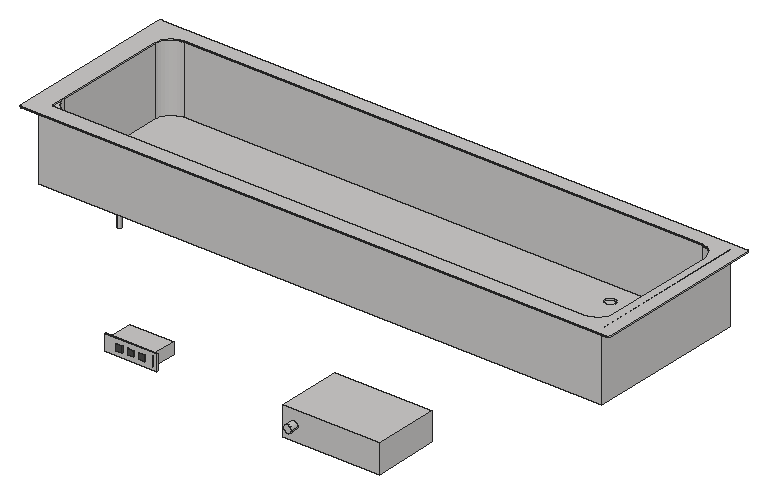
Revit family "QF_ELECTROLUXPROFESSIONAL_341092_D10R6", category Specialty Equipment, Revit 2018
Family settings
  Round Connector Dimension = Use Diameter
  Part Type = Normal
  Work Plane-Based = No
  Always vertical = Yes
  Cut with Voids When Loaded = No
  Shared = No
  Room Calculation Point = No
Parameters (values of type "341040.rfa")
  Weight = 50.90 kg
  Watts = 0 W
  Volts = 0 V
  URL Manufacturer = ""
  URL = ""
  Steam Supply Size = 0 mm
  Steam Supply Minimum Pressure = 0.0 Pa
  Steam Supply Maximum Pressure = 0.0 Pa
  Steam Pounds per Hour = 0
  Show Clearance [instance] = yes
  Remote Electrical Box_Z [instance] = 200.00 mm
  Remote Electrical Box_Y [instance] = 500.00 mm
  Remote Electrical Box_X [instance] = 1000.00 mm
  Refrigeration Suction Line Size = 0.042 mm
  Refrigeration Liquid Line Size = 0.031 mm
  Refrigerant Compressor Remote = yes
  Manufacturer = ""
  Phase = 0
  Model = ""
  Length Actual = 2070.00 mm  # constant formula
  Item Number = ""
  Hot Water Size = 0 mm
  Height Actual = 260.00 mm  # constant formula
  HP = "0 HP"
  Gas Size = 0 mm
  Gas KW = 0
  Gas Input Pressure = 0 W
  Direct Waste Size = 25.4 mm
  Description = ""
  Depth Actual = 620.00 mm  # constant formula
  Cycle = 0 Hz
  Controller_Y [instance] = 500.00 mm
  Controller_1Z [instance] = 200.00 mm
  Controller_1X [instance] = 300.00 mm
  Condensate Return Size = 0 mm
  Compressed Air Volume = 0.0 L/s
  Compressed Air Size = 0 mm
  Compressed Air Pressure = 0.0 Pa
  Cold Water Size = 0 mm
  Accessory = yes
Types (2, lengths in mm): name | Volts | URL Manufacturer | URL | Manufacturer | Phase | Model | Item Number | Description | Cycle
  341040.rfa | 0 V | "" | "" | "" | 0 | "" | "" | "" | 0 Hz
  Standard | 220 V | "http://professional.electrolux.com" | "http://professional.electrolux.com" | "Electrolux Professional" | 1 | "D10R6" | "341092" | "DROP-IN REMOTE, REFRIGERATED WELL, STATIC, 6GN" | 50 Hz
Reference planes
  plane 1 "Centro (Fronte/Retro)": y = 74.737
  plane 2: z = 0
  plane 3 "BACK": y = 384.737
  plane 4 "FRONT": y = -235.263
  plane 5 "RIGHT": x = 520.731
  plane 6 "LEFT": x = -1549.269
  plane 7: x = -514.269
  plane 8 "TOP": z = 900
  plane 9: y = 354.737
  plane 10: y = -205.263
  plane 11: x = 473.531
  plane 12: x = -1502.069
  plane 13: y = 329.737
  plane 14: y = -180.263
  plane 15: x = -1479.269
  plane 16: x = 450.731
  plane 17: z = 898
  plane 18: z = 658
  plane 19: z = 661
  plane 20: z = 265
  plane 21: x = -354.269
  plane 22: y = 349.537
  plane 23: y = -200.063
  plane 24: x = -1424.269
  plane 25: x = -974.269
  plane 26: y = 254.737
  plane 27 "1": x = 134.731
  plane 28: y = -165.263
  plane 29: y = 314.737
  plane 30: x = -1249.269
  plane 31: x = -549.269
  plane 32: y = -115.263
  plane 33: y = -115.263
  plane 34: z = 200
  plane 35: z = 200
Forms (mm)
  Extrusion 1, solid, material "QF_Finishes_Stainless Steel"
    sketch origin (0, 0, 900) x (-1, 0, 0) y (0, -1, 0)
      loop
        line (-473.531, -354.737) -> (1502.069, -354.737) -> (1502.069, 205.263) -> (-473.531, 205.263) -> (-473.531, -354.737)
    from -2 to -242
  Extrusion 2, void
    sketch origin (0, 0, 900) x (-1, 0, 0) y (0, -1, 0)
      loop
        line (1479.269, -273.737) -> (1479.269, 124.263)
        arc (1479.269, 124.263) -> (1462.867, 163.861) -> (1423.269, 180.263) r 56
        line (1423.269, 180.263) -> (-394.731, 180.263)
        arc (-394.731, 180.263) -> (-434.329, 163.861) -> (-450.731, 124.263) r 56
        line (-450.731, 124.263) -> (-450.731, -273.737)
        arc (-450.731, -273.737) -> (-434.329, -313.335) -> (-394.731, -329.737) r 56
        line (-394.731, -329.737) -> (1423.269, -329.737)
        arc (1423.269, -329.737) -> (1462.867, -313.335) -> (1479.269, -273.737) r 56
    from 0 to -239
  Extrusion 3, void
    sketch origin (-739.395, -193.95, 900) x (-1, 0, 0) y (0, -1, 0)
      loop
        circle (-874.126, -448.687) r 18
    from -243.6 to -239
  Extrusion 4, solid, material "QF_Finishes_Stainless Steel"
    sketch origin (0, 0, 900) x (-1, 0, 0) y (0, -1, 0)
      loop
        arc (1539.269, -384.737) -> (1546.34, -381.808) -> (1549.269, -374.737) r 10
        line (1549.269, -374.737) -> (1549.269, 225.263)
        arc (1549.269, 225.263) -> (1546.34, 232.334) -> (1539.269, 235.263) r 10
        line (1539.269, 235.263) -> (-510.731, 235.263)
        arc (-510.731, 235.263) -> (-517.802, 232.334) -> (-520.731, 225.263) r 10
        line (-520.731, 225.263) -> (-520.731, -374.737)
        arc (-520.731, -374.737) -> (-517.802, -381.808) -> (-510.731, -384.737) r 10
        line (-510.731, -384.737) -> (1539.269, -384.737)
      loop
        arc (1423.269, -329.737) -> (1462.867, -313.335) -> (1479.269, -273.737) r 56
        line (1479.269, -273.737) -> (1479.269, 172.933)
        arc (1479.269, 172.933) -> (1477.122, 178.116) -> (1471.939, 180.263) r 7.33
        line (1471.939, 180.263) -> (-394.731, 180.263)
        arc (-394.731, 180.263) -> (-434.329, 163.861) -> (-450.731, 124.263) r 56
        line (-450.731, 124.263) -> (-450.731, -273.737)
        arc (-450.731, -273.737) -> (-434.329, -313.335) -> (-394.731, -329.737) r 56
        line (-394.731, -329.737) -> (1423.269, -329.737)
    from 0 to -2
  Sweep 5, solid, material "QF_Finishes_Stainless Steel"
    path origin (134.731, 0, 0) x (0, 1, 0) y (0, 0, 1)
      loop
        line (254.737, 658) -> (254.737, 630) -> (204.737, 630)
    profile origin (134.731, 254.737, 644) x (1, 0, 0) y (0, 1, 0)
      loop
        circle (0, 0) r 18
  Extrusion 6, solid, material "QF_Finishes_Stainless Steel"
    sketch origin (-1557.332, 589.006, 746) x (0, -1, 0) y (1, 0, 0)
      loop
        circle (566.269, 155.263) r 6.35
    from -88 to -288
  Extrusion 7, solid, material "QF_Finishes_Stainless Steel"
    sketch origin (-1557.332, 589.006, 746) x (0, -1, 0) y (1, 0, 0)
      loop
        circle (466.269, 155.263) r 4.76
    from -88 to -238
Cuts and joins
  Extrusion 2, Extrusion 3 cuts Extrusion 1
Lines and regions (mm)
  symbolic lines
    curve 1: line (510.731, 384.737, 900) -> (-1539.269, 384.737, 900)
    curve 2: arc (-1539.269, 384.737, 900) -> (-1546.34, 381.808, 900) -> (-1549.269, 374.737, 900) r 10
    curve 3: line (-1549.269, 374.737, 900) -> (-1549.269, -225.263, 900)
    curve 4: arc (-1549.269, -225.263, 900) -> (-1546.34, -232.334, 900) -> (-1539.269, -235.263, 900) r 10
    curve 5: line (-1539.269, -235.263, 900) -> (510.731, -235.263, 900)
    curve 6: arc (510.731, -235.263, 900) -> (517.802, -232.334, 900) -> (520.731, -225.263, 900) r 10
    curve 7: line (520.731, -225.263, 900) -> (520.731, 374.737, 900)
    curve 8: arc (520.731, 374.737, 900) -> (517.802, 381.808, 900) -> (510.731, 384.737, 900) r 10
    curve 9: line (-1479.269, -124.263, 900) -> (-1479.269, 273.737, 900)
    curve 10: arc (-1479.269, 273.737, 900) -> (-1462.867, 313.335, 900) -> (-1423.269, 329.737, 900) r 56
    curve 11: line (-1423.269, 329.737, 900) -> (394.731, 329.737, 900)
    curve 12: arc (394.731, 329.737, 900) -> (434.329, 313.335, 900) -> (450.731, 273.737, 900) r 56
    curve 13: line (450.731, 273.737, 900) -> (450.731, -124.263, 900)
    curve 14: arc (450.731, -124.263, 900) -> (434.329, -163.861, 900) -> (394.731, -180.263, 900) r 56
    curve 15: line (394.731, -180.263, 900) -> (-1423.269, -180.263, 900)
    curve 16: arc (-1423.269, -180.263, 900) -> (-1462.867, -163.861, 900) -> (-1479.269, -124.263, 900) r 56
    curve 17: arc (152.731, 254.737, 900) -> (134.731, 272.737, 900) -> (116.731, 254.737, 900) r 18
    curve 18: arc (116.731, 254.737, 900) -> (134.731, 236.737, 900) -> (152.731, 254.737, 900) r 18
  symbolic lines, style "SpecialityEquipmentHiddenLines"
    curve 19: line (-1502.069, 354.737, 900) -> (473.531, 354.737, 900)
    curve 20: line (-1502.069, -205.263, 900) -> (-1502.069, 354.737, 900)
    curve 21: line (473.531, -205.263, 900) -> (-1502.069, -205.263, 900)
    curve 22: line (473.531, 354.737, 900) -> (473.531, -205.263, 900)
    curve 23: line (-1424.269, 314.737, 900) -> (-974.269, 314.737, 900)
    curve 24: line (-1424.269, -165.263, 900) -> (-1424.269, 314.737, 900)
    curve 25: line (-974.269, -165.263, 900) -> (-1424.269, -165.263, 900)
    curve 26: line (-974.269, 314.737, 900) -> (-974.269, -165.263, 900)
    curve 27: line (-1157.569, 329.737, 0) -> (-1157.569, -180.263, 0)
    curve 28: line (-835.909, 329.737, 0) -> (-835.909, -180.263, 0)
    curve 29: line (-514.249, 329.737, 0) -> (-514.249, -180.263, 0)
    curve 30: line (-192.589, 329.737, 0) -> (-192.589, -180.263, 0)
    curve 31: line (129.071, 329.737, 0) -> (129.071, -180.263, 0)
Dimensions and locks
  plane 6 "LEFT" to plane 5 "RIGHT" = 2070.00 mm
  equal spacing: plane 3 "BACK", plane 1 "Centro (Fronte/Retro)", plane 4 "FRONT"
  plane 3 "BACK" to plane 4 "FRONT" = 620.00 mm
  equal spacing: plane 6 "LEFT", plane 7, plane 5 "RIGHT"
  locked: plane 8 "TOP" to plane 2 at 900
  locked: plane 6 "LEFT" to plane 12 at 47.2
  locked: plane 11 to plane 5 "RIGHT" at 47.2
  locked: plane 3 "BACK" to plane 9 at 30
  locked: plane 10 to plane 4 "FRONT" at 30
  locked: plane 3 "BACK" to plane 13 at 55
  locked: plane 14 to plane 4 "FRONT" at 55
  locked: plane 6 "LEFT" to plane 15 at 70
  locked: plane 16 to plane 5 "RIGHT" at 70
  locked: plane 8 "TOP" to plane 17 at 2
  plane 8 "TOP" to plane 18 = 242.00 mm
  locked: plane 19 to plane 18 at 3
  plane 8 "TOP" to plane 20 = 635.00 mm
  plane 25 to plane 24 = 450.00 mm
  locked: plane 13 to plane 26 at 75
  plane 24 to plane 6 "LEFT" = 125.00 mm
  plane 15 to plane 16 = 1930.00 mm
  Extrusion 4 to Extrusion 4 = 510.00 mm
  equal spacing: plane 28, plane 1 "Centro (Fronte/Retro)", plane 29
  plane 28 to plane 29 = 480.00 mm
  "Controller_Y": plane 3 "BACK" to plane 33
  "Remote Electrical Box_Y": plane 3 "BACK" to plane 32
  "Controller_1X": plane 6 "LEFT" to plane 30
  "Remote Electrical Box_X": plane 6 "LEFT" to plane 31
  "Controller_1Z": plane 35 to plane 2
  "Remote Electrical Box_Z": plane 34 to plane 2
  aligned and locked: level to plane 2
  aligned and locked: Extrusion 1 sketch curve to plane 9
  aligned and locked: plane 11 to Extrusion 1 sketch curve
  aligned and locked: Extrusion 1 sketch curve to plane 10
  aligned and locked: Extrusion 1 sketch curve to plane 12
  aligned and locked: Extrusion 1 to plane 18
  aligned and locked: Extrusion 2 to plane 19
  aligned and locked: Extrusion 3 to plane 19
  aligned and locked: plane 6 "LEFT" to Extrusion 4 sketch curve
  aligned and locked: Extrusion 4 sketch curve to plane 3 "BACK"
  aligned and locked: Extrusion 4 sketch curve to plane 5 "RIGHT"
  aligned and locked: plane 4 "FRONT" to Extrusion 4 sketch curve
  aligned and locked: Extrusion 4 sketch curve to plane 16
  aligned and locked: Extrusion 4 sketch curve to plane 13
  aligned and locked: plane 15 to Extrusion 4 sketch curve
  aligned and locked: Extrusion 4 sketch curve to plane 14
  aligned and locked: Extrusion 4 to plane 17
  aligned and locked: plane 30 to nested 1
  aligned and locked: plane 31 to nested 2
  aligned and locked: plane 32 to nested 2
  aligned and locked: nested 1 to plane 33
  aligned and locked: plane 34 to nested 2
  aligned and locked: nested 1 to plane 35
Automatic sketch dimensions
  Extrusion 2 sketch curve to plane 13 = 56.00 mm
  Extrusion 2 sketch curve to plane 16 = 56.00 mm
  plane 14 to Extrusion 2 sketch curve = 56.00 mm
  plane 15 to Extrusion 2 sketch curve = 56.00 mm
  Extrusion 3 sketch curve to plane 26 = 0.00 mm
  Extrusion 2 sketch curve to plane 16 = 0.00 mm
  plane 14 to Extrusion 2 sketch curve = 0.00 mm
  Extrusion 2 sketch curve to plane 13 = 0.00 mm
  Extrusion 2 sketch curve to plane 15 = 0.00 mm
  Extrusion 4 sketch curve to plane 5 "RIGHT" = 10.00 mm
  Extrusion 4 sketch curve to plane 3 "BACK" = 10.00 mm  (x2)
  plane 6 "LEFT" to Extrusion 4 sketch curve = 10.00 mm
  plane 26 to Extrusion 4 sketch curve = 19.00 mm
  Extrusion 4 sketch curve to plane 24 = 47.67 mm
  Extrusion 3 sketch curve to plane 16 = 316.00 mm
  Extrusion 4 sketch curve to plane 16 = 56.00 mm
  Extrusion 4 sketch curve to Extrusion 4 sketch curve = 56.00 mm
  Sweep 5 sketch curve to plane 26 = 0.00 mm
  Sweep 5 sketch curve to plane 18 = 0.00 mm
  Sweep 5 sketch curve to plane 18 = 28.00 mm
  Sweep 5 sketch curve to Sweep 5 sketch curve = 50.00 mm
  Sweep 5 sketch curve to Sweep 5 sketch curve = 0.00 mm  (x2)
  profile plane to Sweep 5 sketch curve = 0.00 mm
  Sweep 5 sketch curve to plane 27 "1" = 0.00 mm
  Sweep 5 sketch curve to Sweep 5 sketch curve = 18.00 mm
  curve 17 to curve 18 = 0.00 mm  (x2)
  curve 7 to plane 5 "RIGHT" = 0.00 mm
  curve 5 to plane 4 "FRONT" = 0.00 mm
  curve 1 to plane 3 "BACK" = 0.00 mm
  plane 10 to curve 22 = 0.00 mm
  curve 22 to plane 11 = 0.00 mm
  curve 13 to plane 16 = 0.00 mm
  plane 13 to curve 11 = 0.00 mm
  plane 14 to curve 15 = 0.00 mm
  plane 26 to curve 18 = 0.00 mm
  curve 18 to plane 27 "1" = 0.00 mm
  curve 25 to plane 25 = 0.00 mm
  curve 25 to plane 24 = 0.00 mm
  curve 16 to plane 15 = 0.00 mm
  curve 19 to plane 9 = 0.00 mm
  curve 19 to plane 12 = 0.00 mm
  curve 4 to plane 6 "LEFT" = 0.00 mm
  curve 23 to plane 29 = 0.00 mm
  curve 24 to plane 28 = 0.00 mm
  curve 6 to curve 6 = 10.00 mm
  curve 1 to plane 5 "RIGHT" = 10.00 mm
  curve 11 to plane 16 = 56.00 mm
  plane 28 to curve 14 = 41.00 mm
  plane 24 to curve 15 = 1.00 mm
  plane 24 to curve 11 = 1.00 mm
  plane 6 "LEFT" to curve 1 = 10.00 mm
  plane 6 "LEFT" to curve 5 = 10.00 mm
  plane 27 "1" to curve 18 = 18.00 mm
  curve 27 to plane 14 = 0.00 mm
  curve 27 to plane 13 = 0.00 mm
  curve 28 to plane 14 = 0.00 mm
  curve 28 to plane 13 = 0.00 mm
  curve 29 to plane 13 = 0.00 mm
  curve 29 to plane 14 = 0.00 mm
  plane 14 to curve 30 = 0.00 mm
  curve 30 to plane 13 = 0.00 mm
  plane 14 to curve 31 = 0.00 mm
  plane 13 to curve 31 = 0.00 mm
  curve 27 to plane 25 = 183.30 mm
  plane 25 to curve 28 = 138.36 mm
  curve 29 to plane 21 = 159.98 mm
  curve 30 to plane 27 "1" = 327.32 mm
  curve 31 to plane 27 "1" = 5.66 mm
  plane 24 to Extrusion 6 sketch curve = 22.20 mm
  plane 1 "Centro (Fronte/Retro)" to Extrusion 6 sketch curve = 52.00 mm
  plane 24 to Extrusion 7 sketch curve = 22.20 mm
  Extrusion 7 sketch curve to plane 1 "Centro (Fronte/Retro)" = 48.00 mm
  radius of Extrusion 3 sketch curve = 18.00 mm
  radius of Extrusion 6 sketch curve = 6.35 mm
  radius of Extrusion 7 sketch curve = 4.76 mm
Nested families
  nested 1: "Controller" at (-1249.269, -115.263, 200), type "Controller"
  nested 2: "Remote_Electrical_Box" at (-549.269, -0.263, 100), type "Remote_Electrical_Box"
  nested 3: "Refrigerator" at (340.731, -45.263, 900), type "Refrigerator"
Connectors
  piping at (134.731, 204.737, 630), diameter 36
    settings: on Sweep 5, index 1, connector inside diameter 609.6 mm, connector length 0.00 mm, flow factor 0, pipe flow 0.0 L/s, pressure drop 0.0 Pa, fitting loss kfactor 0, connector angle 0.00°, fixture units 0, engagement length 0.00 mm, angle of deflection 0.00°, flow configuration 1, flow direction 1, fitting loss method 0, system type 16, joint type 0, gender type 0, connector reference index -1, connector utility 0, adjustable connector no, is connector primary yes, connector description "Drain"
  electrical at (-679.269, -142.263, 149.381)
    settings: on nested 2, index 2, voltage 0 V, apparent load 0 VA, apparent load phase1 0 VA, apparent load phase2 0 VA, apparent load phase3 0 VA, power factor 1, load classification "Altro", number of poles 1, system type 14, power factor state 1, is connector primary yes, connector utility no, sub classification motor no, connector description ""
  piping at (-1402.069, 22.737, 458), diameter 12.7
    settings: on Extrusion 6, index 14, connector inside diameter 609.6 mm, connector length 0.00 mm, flow factor 0, pipe flow 0.0 L/s, pressure drop 0.0 Pa, fitting loss kfactor 0, connector angle 0.00°, fixture units 0, engagement length 0.00 mm, angle of deflection 0.00°, flow configuration 1, flow direction 1, fitting loss method 0, system type 22, joint type 0, gender type 0, connector reference index -1, connector utility 0, adjustable connector no, is connector primary no, connector description ""
  piping at (-1402.069, 122.737, 508), diameter 9.52
    settings: on Extrusion 7, index 15, connector inside diameter 609.6 mm, connector length 0.00 mm, flow factor 0, pipe flow 0.0 L/s, pressure drop 0.0 Pa, fitting loss kfactor 0, connector angle 0.00°, fixture units 0, engagement length 0.00 mm, angle of deflection 0.00°, flow configuration 1, flow direction 1, fitting loss method 0, system type 23, joint type 0, gender type 0, connector reference index -1, connector utility 0, adjustable connector no, is connector primary no, connector description ""
Definition of nested family "Controller"
  Reference planes
    plane 1 "Center (Front/Back)": y = 0
    plane 2: z = 0
    plane 3 "Center (Left/Right)": x = 0
  Forms (mm)
    Extrusion 1, solid
      sketch origin (0, 44.769, -48.2) x (1, 0, 0) y (0, 1, 0)
        loop
          line (-76, 43.231) -> (-76, -47.65) -> (76, -47.65) -> (76, 43.231) -> (-76, 43.231)
      from 6.2 to 48.2
    Extrusion 2, solid
      sketch origin (0, 44.769, -48.2) x (1, 0, 0) y (0, 0, 1)
        loop
          line (-92.25, 54.4) -> (-92.25, 0) -> (92.25, 0) -> (92.25, 54.4) -> (-92.25, 54.4)
        loop
          line (-76, 48.2) -> (-76, 6.2) -> (76, 6.2) -> (76, 48.2) -> (-76, 48.2)
      from 44.769 to 47.65
    Extrusion 3, solid
      sketch origin (76, -2.881, -48.2) x (-1, 0, 0) y (0, 0, -1)
        loop
          line (106, -37.2) -> (126, -37.2) -> (126, -17.2) -> (106, -17.2) -> (106, -37.2)
        loop
          line (66, -37.2) -> (86, -37.2) -> (86, -17.2) -> (66, -17.2) -> (66, -37.2)
        loop
          line (26, -37.2) -> (46, -37.2) -> (46, -17.2) -> (26, -17.2) -> (26, -37.2)
      from 0 to 2
    Extrusion 4, void
      sketch origin (0, 0, 0) x (1, 0, 0) y (0, 1, 0)
        loop
          line (76, 88) -> (-76, 88) -> (-76, 0) -> (76, 0) -> (76, 88)
      from 0 to -42
  Cuts and joins
    Extrusion 4 cuts Extrusion 2
    joined: Extrusion 1, Extrusion 2
  Lines and regions (mm)
    symbolic lines
      curve 1: line (-76, 88, 0) -> (-76, 0, 0)
      curve 2: line (76, 88, 0) -> (-76, 88, 0)
      curve 3: line (76, 0, 0) -> (76, 88, 0)
      curve 4: line (-92.25, -2.881, 0) -> (92.25, -2.881, 0)
      curve 5: line (-92.25, 0, 0) -> (-92.25, -2.881, 0)
      curve 6: line (92.25, 0, 0) -> (-92.25, 0, 0)
      curve 7: line (92.25, -2.881, 0) -> (92.25, 0, 0)
  Dimensions and locks
    aligned and locked: level to plane 2
Definition of nested family "Remote_Electrical_Box"
  Parameters (values of type "Remote_Electrical_Box")
    Default Elevation = 1219.20 mm
  Reference planes
    plane 1 "Center (Front/Back)": y = 0
    plane 2: z = 0
    plane 3 "Center (Left/Right)": x = 0
    plane 4: x = -170
    plane 5: x = 170
    plane 6: y = 115
    plane 7: y = -115
    plane 8: z = 100
    plane 9: z = 50
  Forms (mm)
    Extrusion 1, solid
      sketch origin (0, 0, 0) x (1, 0, 0) y (0, 1, 0)
        loop
          line (-170, 115) -> (-170, -115) -> (170, -115) -> (170, 115) -> (-170, 115)
      from 0 to 100
    Extrusion 2, solid
      sketch origin (0, 0, 0) x (1, 0, 0) y (0, 0, 1)
        loop
          circle (-130, 49.381) r 13
      from 115 to 142
  Lines and regions (mm)
    symbolic lines
      curve 1: line (-170, 115, 0) -> (170, 115, 0)
      curve 2: line (-170, -115, 0) -> (-170, 115, 0)
      curve 3: line (170, -115, 0) -> (-170, -115, 0)
      curve 4: line (170, 115, 0) -> (170, -115, 0)
      curve 5: line (-143, -142, 0) -> (-117, -142, 0)
      curve 6: line (-143, -142, 0) -> (-143, -115, 0)
      curve 7: line (-117, -142, 0) -> (-117, -115, 0)
  Dimensions and locks
    equal spacing: plane 4, plane 3 "Center (Left/Right)", plane 5
    equal spacing: plane 6, plane 1 "Center (Front/Back)", plane 7
    plane 4 to plane 5 = 340.00 mm
    plane 6 to plane 7 = 230.00 mm
    Extrusion 1 to Extrusion 2 sketch curve = 40.00 mm
    equal spacing: plane 8, plane 9, plane 2
    aligned and locked: level to plane 2
    aligned and locked: Extrusion 1 sketch curve to plane 6
    aligned and locked: plane 4 to Extrusion 1 sketch curve
    aligned and locked: plane 7 to Extrusion 1 sketch curve
    aligned and locked: Extrusion 1 sketch curve to plane 5
    aligned and locked: plane 7 to Extrusion 2
    aligned and locked: plane 8 to Extrusion 1
  Automatic sketch dimensions
    level to Extrusion 2 sketch curve = 49.381 mm
    curve 3 to plane 4 = 0.00 mm
    curve 7 to plane 7 = 0.00 mm
    curve 3 to plane 5 = 0.00 mm
    curve 2 to plane 6 = 0.00 mm
    plane 4 to curve 6 = 27.00 mm
    curve 5 to curve 6 = 27.00 mm
    curve 6 to curve 7 = 26.00 mm
    radius of Extrusion 2 sketch curve = 13.00 mm
Definition of nested family "Refrigerator"
  Reference planes
    plane 1 "Center (Front/Back)": y = 0
    plane 2: z = 0
    plane 3 "Center (Left/Right)": x = 0
  Lines and regions (mm)
    detail lines, in view "Ref. Level"
      curve 1: line (0, -60, 0) -> (0, 60, 0)
      curve 2: line (-51.962, 30, 0) -> (51.962, -30, 0)
      curve 3: line (-51.962, -30, 0) -> (51.962, 30, 0)
      curve 4: line (19.116, 56.873, 0) -> (0, 35, 0)
      curve 5: line (0, 35, 0) -> (-19.116, 56.873, 0)
      curve 6: line (-30.311, 17.5, 0) -> (-40, 45.883, 0)
      curve 7: line (-59.736, 11.7, 0) -> (-30.311, 17.5, 0)
      curve 8: line (-30.311, -17.5, 0) -> (-59.736, -11.7, 0)
      curve 9: line (-40, -45.883, 0) -> (-30.311, -17.5, 0)
      curve 10: line (0, -35, 0) -> (-19.116, -56.873, 0)
      curve 11: line (19.116, -56.873, 0) -> (0, -35, 0)
      curve 12: line (30.311, -17.5, 0) -> (39.696, -44.992, 0)
      curve 13: line (58.812, -11.882, 0) -> (30.311, -17.5, 0)
      curve 14: line (30.311, 17.5, 0) -> (58.812, 11.882, 0)
      curve 15: line (39.696, 44.992, 0) -> (30.311, 17.5, 0)
